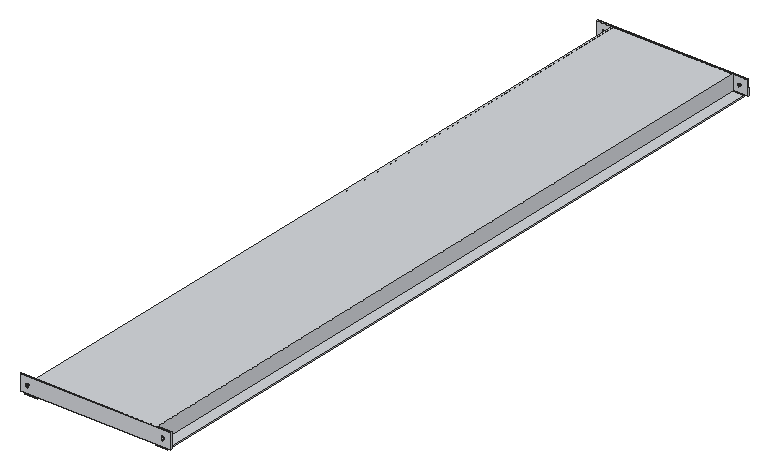
Revit family "Support Framing System (Thermal Block Insulation) (Lower End Support Channel)", category Mechanical Equipment, Revit 2015
Parameters
  Width = 0' - 8"
  URL = "https://unitedenertech.com/catalog/pdf/M_38%20SUPPORT%20FRAMING%20SYSTEM%20(THERMAL%20BLOCK).pdf"
  Type Comments = "Consult Factory for Max. Sizes"
  Model = "Support Framing System (Thermal Block Insulation) (Lower End Support Channel)"
  Manufacturer = "Untied Enertech Corporation"
  Length = 4' - 0"
  End Plate Width = 0' - 10"
  Description = "Support Framing System for Thermal Block Insulated Roof"
Reference planes (in)
  plane 1 "Center (Front/Back)": y = 0
  plane 2: z = 0
  plane 3 "Center (Left/Right)": x = 0
  plane 4: x = -4
  plane 5: x = 4
  plane 6: x = -4.75
  plane 7: x = 4.75
  plane 8: z = 0.0747
  plane 9: x = -3.9253
  plane 10: x = 3.9253
  plane 11: y = 24
  plane 12: y = -24
  plane 13: z = 1.125
  plane 14: z = 1.0503
  plane 15: y = -23.9253
  plane 16: y = 23.9253
  plane 17: x = -5
  plane 18: x = 5
  plane 19: x = -4.5
  plane 20: x = 4.5
  plane 21: z = 0.125
  plane 22: z = 0.625
Forms (in)
  Extrusion 1, solid
    sketch origin (0, 0, 0) x (1, 0, 0) y (0, 0, 1)
      loop
        line (-4.75, 0) -> (-3.9253, 0) -> (-3.9253, 1.0503) -> (3.9253, 1.0503) -> (3.9253, 0) -> (4.75, 0) -> (4.75, 0.0747) -> (4, 0.0747) -> (4, 1.125) -> (-4, 1.125) -> (-4, 0.0747) -> (-4.75, 0.0747) -> (-4.75, 0)
    from -23.9253 to 23.9253
  Extrusion 2, solid
    sketch origin (0, 0, 0) x (1, 0, 0) y (0, 0, 1)
      loop
        line (-5, 1.125) -> (-5, 0.125) -> (5, 0.125) -> (5, 1.125) -> (-5, 1.125)
      loop
        circle (-4.5, 0.625) r 0.125
      loop
        circle (4.5, 0.625) r 0.125
    from 23.9253 to 24
  Extrusion 3, solid
    sketch origin (0, 0, 0) x (1, 0, 0) y (0, 0, 1)
      loop
        line (-5, 1.125) -> (-5, 0.125) -> (5, 0.125) -> (5, 1.125) -> (-5, 1.125)
      loop
        circle (-4.5, 0.625) r 0.125
      loop
        circle (4.5, 0.625) r 0.125
    from -24 to -23.9253
Dimensions and locks (in)
  equal spacing: plane 5, plane 3 "Center (Left/Right)", plane 4
  "Width": plane 5 to plane 4
  locked: plane 6 to plane 4 at 0.75
  locked: plane 7 to plane 5 at 0.75
  locked: plane 8 to level at 0.0747
  locked: plane 4 to plane 9 at 0.0747
  locked: plane 5 to plane 10 at 0.0747
  equal spacing: plane 11, plane 1 "Center (Front/Back)", plane 12
  "Length": plane 11 to plane 12
  locked: plane 13 to plane 14 at 0.0747
  locked: plane 13 to level at 1.125
  locked: plane 15 to plane 12 at 0.0747
  locked: plane 11 to plane 16 at 0.0747
  equal spacing: plane 17, plane 3 "Center (Left/Right)", plane 18
  "End Plate Width": plane 17 to plane 18
  locked: plane 17 to plane 19 at 0.5
  locked: plane 20 to plane 18 at 0.5
  locked: plane 13 to plane 22 at 0.5
  locked: plane 13 to plane 21 at 1
  aligned and locked: level to plane 2
  aligned and locked: Extrusion 1 sketch curve to plane 6
  aligned and locked: Extrusion 1 sketch curve to plane 7
  aligned and locked: Extrusion 1 sketch curve to plane 8  (x2)
  aligned and locked: level to Extrusion 1 sketch curve  (x2)
  aligned and locked: plane 4 to Extrusion 1 sketch curve
  aligned and locked: Extrusion 1 sketch curve to plane 13
  aligned and locked: Extrusion 1 sketch curve to plane 5
  aligned and locked: Extrusion 1 sketch curve to plane 14
  aligned and locked: plane 9 to Extrusion 1 sketch curve
  aligned and locked: plane 10 to Extrusion 1 sketch curve
  aligned and locked: plane 16 to Extrusion 1
  aligned and locked: Extrusion 1 to plane 15
  aligned and locked: Extrusion 2 sketch curve to plane 13
  aligned and locked: Extrusion 2 sketch curve to plane 17
  aligned and locked: plane 18 to Extrusion 2 sketch curve
  aligned and locked: Extrusion 2 sketch curve to plane 21
  aligned and locked: plane 15 to Extrusion 2
  aligned and locked: Extrusion 2 to plane 12
  aligned and locked: plane 11 to Extrusion 3
  aligned and locked: Extrusion 3 to plane 16
Automatic sketch dimensions
  plane 19 to Extrusion 2 sketch curve = 0' - 0"
  plane 20 to Extrusion 2 sketch curve = 0' - 0"
  Extrusion 2 sketch curve to plane 22 = 0' - 0"  (x2)
  Extrusion 3 sketch curve to plane 13 = 0' - 0"
  plane 17 to Extrusion 3 sketch curve = 0' - 0"
  plane 19 to Extrusion 3 sketch curve = 0' - 0"
  plane 20 to Extrusion 3 sketch curve = 0' - 0"
  plane 18 to Extrusion 3 sketch curve = 0' - 0"
  Extrusion 3 sketch curve to plane 21 = 0' - 0"
  Extrusion 3 sketch curve to plane 22 = 0' - 0"  (x2)
  radius of Extrusion 2 sketch curve = 0' - 0 1/8"  (x2)
  radius of Extrusion 3 sketch curve = 0' - 0 1/8"  (x2)
